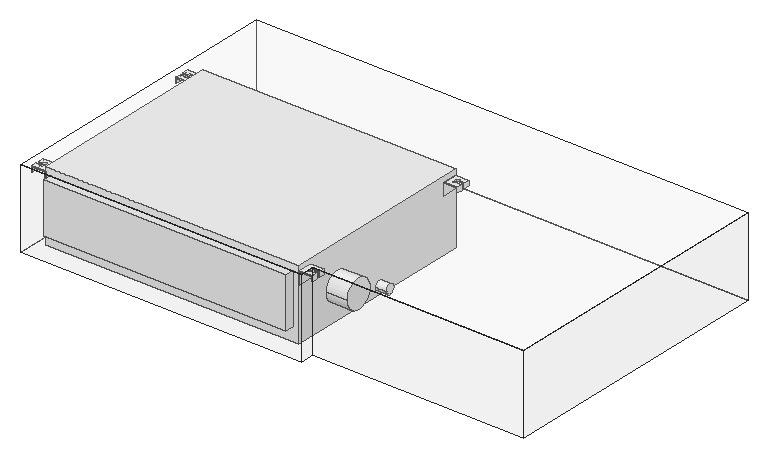
Revit family "pe-rp50_160da21_50Hz", category 機械設備, Revit 2019
Family settings
  丸型コネクタ寸法 = 直径を使用
  パーツ タイプ = 標準
  OmniClass 番号 = 23.75.10.24.21.27.27
  OmniClass タイトル = Split System Air Conditioning Units
  作業面ベース = いいえ
  常に垂直 = はい
  ロード時にボイドで切り取り = いいえ
  共有 = いいえ
  部屋計算ポイント = はい
Parameters (values of type "PE-RP50DA21_50Hz")
  風量（弱）（m3／min） = 12
  風量（中）（m3／min） = 14.5
  風量（m3／min） = 17
  風量 = MAX風量  # 1020.0 m³/h
  音響パワーレベル（弱）(dB) = 51
  音響パワーレベル（中）(dB) = 53
  音響パワーレベル(dB) = 56
  電源種別 = "一般"
  電圧_電気ヒーター = 0 V
  電圧 = 200 V
  電動機出力_送風機 = 0.085 kW
  運転質量 = 0.00 kg
  連動 = ""
  質量 = if(製品質量 > 運転質量, 製品質量, 運転質量) * 1.2  # 32.40 kg
  負荷分類 = 3_ファン類
  説明 = "店舗・事務所用パッケージエアコン（Mr.SLIM） 天井埋込形"
  設計暖房能力 = 0 kW
  設計冷房能力_顕熱 = 0 kW
  設計冷房能力 = 0 kW
  設置方法 = "天井吊（隠ぺい）形"
  記号 = ""
  製造元 = "三菱電機株式会社"
  製品質量 = 27.00 kg
  製品出荷対象 = "国内"
  製品リリース年月 = "2025/5/12"
  製品グループ = ""
  系統 = ""
  符号 = "PAC-CID"
  積算_科目 = "1 空気調和設備"
  積算_拾い区分 = ""
  相_電気ヒーター = 1
  相 = 1
  盤記号 = ""
  発停方法 = ""
  特殊仕様 = ""
  火災停止 = ""
  消費電力_電気ヒーター = 0 kW
  消費電力_暖房 = 0.12 kW
  消費電力_加湿器 = 0 kW
  消費電力_冷房 = 0.12 kW
  消費電力 = if(消費電力_冷房 > 消費電力_暖房, 消費電力_冷房, 消費電力_暖房) + 消費電力_加湿器 + 消費電力_電気ヒーター  # 0.12 kW
  法定耐用年数 = "15"
  機外静圧 = 50.0 Pa
  製造番号 = ""
  極数 = 3
  材質 = "溶融亜鉛メッキ鋼板"
  本体マテリアル = 鋼、ペイント仕上げ、アイボリー、光沢
  有効加湿量 = 0
  暖房能力 = 5 kW
  形式_加湿器 = ""
  形式 = "天井吊（隠ぺい）形（両ダクト形）"
  幹線記号 = ""
  始動方式 = "直入"
  呼称 = "室内機_天井吊(隠ぺい)形(両ダクト形)"
  周波数 = 50 Hz
  吊り位置Y = 643.00 mm
  吊り位置X = 954.00 mm
  加湿給水管径 = 0 mm
  分類コード = "50053003123080"
  分類グループ = ""
  冷房能力 = 4.5 kW
  冷媒高低圧ガス管径 = 0 mm
  冷媒管径符号 = "Ac"
  冷媒管径 = 100 mm
  冷媒液管径 = 6.35 mm
  冷媒ガス管径 = 12.7 mm
  価格 = 0
  企業コード = "108420"
  付属品_フィルター = ""
  付属品 = ""
  モデル = "PE-RP50DA21"
  ドレン管径 = 32 mm
  サービススペース = yes
  ケーブル種類 = ""
  Width = 900.00 mm
  Version = ""
  Uniclass2015Version = "Systems v1.9"
  Uniclass2015Title = "Split coil remote air cooled condensing units"
  Uniclass2015Code = "Pr_70_65_03_84"
  URL = "https://www.mitsubishielectric.co.jp/ldg/wink/qr/002/338238/"
  SpecificationReference = ""
  SpecificationDescription = ""
  SAサイズ_W = 860.00 mm
  SAサイズ_D = 178.00 mm
  Revision = ""
  RAサイズ_W = 858.00 mm
  RAサイズ_D = 210.00 mm
  ProductInformation = ""
  OmniClassCode = "23-33 17 13 11"
  MIN風量 = 風量（弱）（m3／min） * 60.0 m³/h  # 720.0 m³/h
  MID風量 = 風量（中）（m3／min） * 60.0 m³/h  # 870.0 m³/h
  MAX風量 = 風量（m3／min） * 60.0 m³/h  # 1020.0 m³/h
  IfcTypeProduct = ""
  IfcProduct = ""
  IfcExportType = "AIRCONDITIONINGUNIT"
  IfcExportAs = "IfcUnitaryEquipmentType"
  Height = 250.00 mm
  Depth = 700.00 mm
  Author = "三菱電機株式会社"
Types (8, lengths in mm): name | 風量（弱）（m3／min） | 風量（中）（m3／min） | 風量（m3／min） | 風量 | 音響パワーレベル（弱）(dB) | 音響パワーレベル（中）(dB) | 音響パワーレベル(dB) | 電動機出力_送風機 | 質量 | 製品質量 | 消費電力_暖房 | 消費電力_冷房 | 消費電力 | 暖房能力 | 吊り位置X | 冷房能力 | 冷媒管径符号 | 冷媒液管径 | 冷媒ガス管径 | モデル | Width | URL | SAサイズ_W | RAサイズ_W | MIN風量 | MID風量 | MAX風量
  PE-RP50DA21_50Hz | 12 | 14.5 | 17 | 1020.0 m³/h | 51 | 53 | 56 | 0.085 kW | 32.40 kg | 27.00 kg | 0.12 kW | 0.12 kW | 0.12 kW | 5 kW | 954.00 | 4.5 kW | "Ac" | 6.35 | 12.7 | "PE-RP50DA21" | 900.00 | "https://www.mitsubishielectric.co.jp/ldg/wink/qr/002/338238/" | 860.00 | 858.00 | 720.0 m³/h | 870.0 m³/h | 1020.0 m³/h
  PE-RP56DA21_50Hz | 12 | 14.5 | 17 | 1020.0 m³/h | 52 | 54 | 57 | 0.085 kW | 32.40 kg | 27.00 kg | 0.12 kW | 0.12 kW | 0.12 kW | 5.6 kW | 954.00 | 5 kW | "Ac" | 6.35 | 12.7 | "PE-RP56DA21" | 900.00 | "https://www.mitsubishielectric.co.jp/ldg/wink/qr/002/338239/" | 860.00 | 858.00 | 720.0 m³/h | 870.0 m³/h | 1020.0 m³/h
  PE-RP63DA21_50Hz | 14.5 | 18 | 21 | 1260.0 m³/h | 53 | 54 | 57 | 0.121 kW | 34.80 kg | 29.00 kg | 0.12 kW | 0.12 kW | 0.12 kW | 6.3 kW | 1154.00 | 5.6 kW | "Ac" | 6.35 | 12.7 | "PE-RP63DA21" | 1100.00 | "https://www.mitsubishielectric.co.jp/ldg/wink/qr/002/338240/" | 1060.00 | 1058.00 | 870.0 m³/h | 1080.0 m³/h | 1260.0 m³/h
  PE-RP71DA21_50Hz | 14.5 | 18 | 21 | 1260.0 m³/h | 54 | 55 | 57 | 0.121 kW | 34.80 kg | 29.00 kg | 0.12 kW | 0.12 kW | 0.12 kW | 7 kW | 1154.00 | 6.3 kW | "Bd" | 9.52 | 15.88 | "PE-RP71DA21" | 1100.00 | "https://www.mitsubishielectric.co.jp/ldg/wink/qr/002/338241/" | 1060.00 | 1058.00 | 870.0 m³/h | 1080.0 m³/h | 1260.0 m³/h
  PE-RP80DA21_50Hz | 17.5 | 21 | 25 | 1500.0 m³/h | 55 | 56 | 59 | 0.121 kW | 34.80 kg | 29.00 kg | 0.16 kW | 0.16 kW | 0.16 kW | 8 kW | 1154.00 | 7.1 kW | "Bd" | 9.52 | 15.88 | "PE-RP80DA21" | 1100.00 | "https://www.mitsubishielectric.co.jp/ldg/wink/qr/002/338242/" | 1060.00 | 1058.00 | 1050.0 m³/h | 1260.0 m³/h | 1500.0 m³/h
  PE-RP112DA21_50Hz | 24 | 29 | 34 | 2040.0 m³/h | 58 | 60 | 62 | 0.244 kW | 45.60 kg | 38.00 kg | 0.22 kW | 0.22 kW | 0.22 kW | 11.2 kW | 1454.00 | 10 kW | "Bd" | 9.52 | 15.88 | "PE-RP112DA21" | 1400.00 | "https://www.mitsubishielectric.co.jp/ldg/wink/qr/002/338243/" | 1360.00 | 1358.00 | 1440.0 m³/h | 1740.0 m³/h | 2040.0 m³/h
  PE-RP140DA21_50Hz | 24 | 29 | 34 | 2040.0 m³/h | 60 | 61 | 63 | 0.244 kW | 45.60 kg | 38.00 kg | 0.22 kW | 0.22 kW | 0.22 kW | 14 kW | 1454.00 | 12.5 kW | "Bd" | 9.52 | 15.88 | "PE-RP140DA21" | 1400.00 | "https://www.mitsubishielectric.co.jp/ldg/wink/qr/002/338244/" | 1360.00 | 1358.00 | 1440.0 m³/h | 1740.0 m³/h | 2040.0 m³/h
  PE-RP160DA21_50Hz | 24 | 29 | 34 | 2040.0 m³/h | 61 | 62 | 63 | 0.244 kW | 45.60 kg | 38.00 kg | 0.22 kW | 0.22 kW | 0.22 kW | 16 kW | 1454.00 | 14 kW | "Bd" | 9.52 | 15.88 | "PE-RP160DA21" | 1400.00 | "https://www.mitsubishielectric.co.jp/ldg/wink/qr/002/338245/" | 1360.00 | 1358.00 | 1440.0 m³/h | 1740.0 m³/h | 2040.0 m³/h
Reference planes
  plane 1 "中心(正面/背面)": y = 0
  plane 2: z = 0
  plane 3 "中心(左/右)": x = 0
  plane 4: x = -450
  plane 5: x = 450
  plane 6: y = 350
  plane 7 "サービススペース_3": y = -350
  plane 8 "吹き出しダクトW_2": x = 430
  plane 9 "吹き出しダクトW_1": x = -430
  plane 10 "吹き出しダクトH_1": z = -23
  plane 11 "吹き出しダクトH_2": z = -201
  plane 12 "吸込み口W_2": x = 429
  plane 13 "吸込み口W_1": x = -429
  plane 14 "吸込み口H_1": z = -18
  plane 15 "吸込み口H_2": z = -228
  plane 16: z = -250
  plane 17 "吊り金具Y": z = -15
  plane 18: y = -214
  plane 19: y = -147
  plane 20: y = -112
  plane 21: y = 6
  plane 22: z = -41
  plane 23: z = -122
  plane 24: z = -155
  plane 25: z = -217
  plane 26 "吊り位置X_2": x = 477
  plane 27 "吊り位置X_1": x = -477
  plane 28 "最外形X_2": x = 500
  plane 29 "最外形X_1": x = -500
  plane 30: z = -137
  plane 31: y = -180.5
  plane 32: y = -382
  plane 33 "吊り位置Y_2": y = -325
  plane 34 "吊り位置Y_1": y = 318
  plane 35 "SS_D_1": y = -400
  plane 36 "サービススペース_1": x = 1250
  plane 37 "SS_D_2": y = 377
  plane 38 "SS_H_1": z = 10
  plane 39 "SS_H_2": z = -270
  plane 40: y = 125
  plane 41 "サービススペース_2": y = 650
Forms (mm)
  Extrusion 1, solid, detail levels fine
    sketch origin (0, 0, 0) x (1, 0, 0) y (0, 1, 0)
      loop
        line (-450, 350) -> (-450, -350) -> (450, -350) -> (450, 350) -> (-450, 350)
    from -250 to 0
  Extrusion 2, solid, detail levels fine
    sketch origin (0, 0, 0) x (1, 0, 0) y (0, 0, 1)
      loop
        line (-430, -23) -> (-430, -201) -> (430, -201) -> (430, -23) -> (-430, -23)
    from 350 to 382
  Extrusion 3, solid, detail levels fine
    sketch origin (0, 0, 0) x (1, 0, 0) y (0, 0, 1)
      loop
        line (429, -18) -> (-429, -18) -> (-429, -228) -> (429, -228) -> (429, -18)
    from -350 to -340
  Extrusion 4, solid, detail levels fine
    sketch origin (0, 0, 0) x (0, 1, 0) y (0, 0, 1)
      loop
        circle (-180.5, -137) r 50
    from 450 to 528
  Extrusion 5, solid, detail levels fine
    sketch origin (0, 0, 0) x (0, 1, 0) y (0, 0, 1)
      loop
        circle (6, -217) r 16
    from 450 to 490
Dimensions and locks
  "SAサイズ_W": plane 9 "吹き出しダクトW_1" to plane 8 "吹き出しダクトW_2"
  "Width": plane 4 to plane 5
  "Depth": plane 7 "サービススペース_3" to plane 6
  "Height": level to plane 16
  locked: plane 8 "吹き出しダクトW_2" to plane 5 at 20
  "RAサイズ_W": plane 13 "吸込み口W_1" to plane 12 "吸込み口W_2"
  locked: plane 12 "吸込み口W_2" to plane 5 at 21
  equal spacing: plane 4, plane 3 "中心(左/右)", plane 5
  locked: Extrusion 4 to Extrusion 4 at 78
  locked: Extrusion 5 to Extrusion 5 at 40
  plane 29 "最外形X_1" to plane 28 "最外形X_2" = 1000.00 mm
  equal spacing: plane 29 "最外形X_1", plane 3 "中心(左/右)", plane 28 "最外形X_2"
  "吊り位置X": plane 27 "吊り位置X_1" to plane 26 "吊り位置X_2"
  equal spacing: plane 27 "吊り位置X_1", plane 3 "中心(左/右)", plane 26 "吊り位置X_2"
  locked: plane 26 "吊り位置X_2" to plane 28 "最外形X_2" at 23
  plane 33 "吊り位置Y_2" to plane 32 = 57.00 mm
  locked: plane 5 to plane 36 "サービススペース_1" at 800
  plane 28 "最外形X_2" to plane 36 "サービススペース_1" = 750.00 mm
  "ドレン管径": diameter of Extrusion 5 sketch curve
  "冷媒管径": diameter of Extrusion 4 sketch curve
  aligned and locked: level to plane 2
  aligned and locked: plane 5 to Extrusion 1
  aligned and locked: Extrusion 1 to plane 4
  aligned and locked: plane 8 "吹き出しダクトW_2" to Extrusion 2
  aligned and locked: Extrusion 2 to plane 9 "吹き出しダクトW_1"
  aligned and locked: nested 2 to Extrusion 1
  aligned and locked: nested 1 to Extrusion 1
  aligned and locked: Extrusion 1 to nested 3
  aligned and locked: Extrusion 1 to nested 4
  aligned and locked: Extrusion 4 to plane 5
  aligned and locked: Extrusion 5 to plane 5
  aligned and locked: nested 5 to plane 26 "吊り位置X_2"
  aligned and locked: nested 1 to plane 34 "吊り位置Y_1"
  aligned and locked: plane 27 "吊り位置X_1" to nested 5
  aligned and locked: nested 5 to plane 34 "吊り位置Y_1"
  aligned and locked: plane 26 "吊り位置X_2" to nested 5
  aligned and locked: nested 5 to plane 33 "吊り位置Y_2"
  aligned and locked: nested 6 to plane 36 "サービススペース_1"
  aligned and locked: plane 41 "サービススペース_2" to nested 7
  aligned and locked: plane 35 "SS_D_1" to nested 7
  aligned and locked: plane 36 "サービススペース_1" to nested 7
  aligned and locked: plane 29 "最外形X_1" to nested 7
  aligned and locked: nested 7 to plane 38 "SS_H_1"
  aligned and locked: plane 28 "最外形X_2" to nested 7
Automatic sketch dimensions
  Extrusion 1 sketch curve to plane 4 = 0.00 mm
  Extrusion 1 sketch curve to plane 5 = 0.00 mm
  plane 7 "サービススペース_3" to Extrusion 1 sketch curve = 0.00 mm
  plane 6 to Extrusion 1 sketch curve = 0.00 mm
  Extrusion 2 sketch curve to plane 9 "吹き出しダクトW_1" = 0.00 mm
  Extrusion 2 sketch curve to plane 8 "吹き出しダクトW_2" = 0.00 mm
  Extrusion 2 sketch curve to plane 11 "吹き出しダクトH_2" = 0.00 mm
  Extrusion 2 sketch curve to plane 10 "吹き出しダクトH_1" = 0.00 mm
  plane 13 "吸込み口W_1" to Extrusion 3 sketch curve = 0.00 mm
  Extrusion 3 sketch curve to plane 12 "吸込み口W_2" = 0.00 mm
  Extrusion 3 sketch curve to plane 15 "吸込み口H_2" = 0.00 mm
  Extrusion 3 sketch curve to plane 14 "吸込み口H_1" = 0.00 mm
  plane 30 to Extrusion 4 sketch curve = 0.00 mm
  Extrusion 4 sketch curve to plane 31 = 0.00 mm
  Extrusion 5 sketch curve to plane 21 = 0.00 mm
  plane 25 to Extrusion 5 sketch curve = 0.00 mm
Nested families
  nested 1: "PE-RP-DA_LEG" at (450, 318, -15) x (0, -1, 0) z (0, 0, 1), type "PE-RP-DA_LEG", detail levels fine
  nested 2: "PE-RP-DA_LEG" at (450, -325, -15) x (0, -1, 0) z (0, 0, 1), type "PE-RP-DA_LEG", detail levels fine
  nested 3: "PE-RP-DA_LEG" at (-450, 318, -15) x (0, -1, 0) z (0, 0, 1), type "PE-RP-DA_LEG", detail levels fine
  nested 4: "PE-RP-DA_LEG" at (-450, -325, -15) x (0, -1, 0) z (0, 0, 1), type "PE-RP-DA_LEG", detail levels fine
  nested 5: "固定点" at (-477, -325, 0), type "固定点"
    with W 954.00 mm, D 643.00 mm
  nested 6: "点検口設置範囲" at (1000, 350, -270), type "点検口設置範囲"
    with Width 1000.00 mm, Depth 700.00 mm
  nested 7: "サービススペース" at (1000, 125, -130), type "サービススペース"
    with Width_1 1000.00 mm, Width 1750.00 mm, Height 280.00 mm, Depth 1050.00 mm
Connectors
  piping at (528, -180.5, -137), diameter 100, driven by "冷媒管径符号", driven by "冷媒管径"
    settings: on Extrusion 4, index 1, connector inside diameter 609.6 mm, connector length 0.00 mm, flow factor 0, pipe flow 0.0 L/s, pressure drop 0.0 Pa, fitting loss kfactor 0, connector angle 0.00°, fixture units 0, engagement length 0.00 mm, angle of deflection 0.00°, flow configuration 1, flow direction 1, fitting loss method 4, system type 7, joint type 0, gender type 0, connector reference index -1, connector utility 0, adjustable connector no, is connector primary yes, connector description "Ac"
  piping at (490, 6, -217), diameter 32, driven by "ドレン管径"
    settings: on Extrusion 5, index 2, connector inside diameter 609.6 mm, connector length 0.00 mm, flow factor 0, pipe flow 0.0 L/s, pressure drop 0.0 Pa, fitting loss kfactor 0, connector angle 0.00°, fixture units 0, engagement length 0.00 mm, angle of deflection 0.00°, flow configuration 1, flow direction 2, fitting loss method 4, system type 16, joint type 0, gender type 0, connector reference index -1, connector utility 0, adjustable connector no, is connector primary no, connector description ""
  electrical at (450, 0, -125), driven by "極数", driven by "電圧", driven by "消費電力", driven by "負荷分類"
    settings: on Extrusion 1, index 3, voltage 200 V, apparent load 120 VA, apparent load phase1 0 VA, apparent load phase2 0 VA, apparent load phase3 0 VA, power factor 1, load classification "3_ファン類", number of poles 3, system type 30, power factor state 1, is connector primary yes, connector utility no, sub classification motor no, connector description ""
  hvac at (0, -382, -112), driven by "SAサイズ_D", driven by "SAサイズ_W", driven by "機外静圧", driven by "風量"
    settings: on Extrusion 2, index 4, duct flow 1020.0 m³/h, flow factor 0, pres drop 50.0 Pa, loss coef 0, conn angle 0.00°, conn width 860 mm, conn height 178 mm, conn diameter 609.6 mm, duct sys type 29, conn prof type 1, flow config 0, flow direction 2, loss method 4, conn ref index -1, conn util no, is conn primary yes, conn desc ""
  hvac at (0, 350, -123), driven by "RAサイズ_D", driven by "RAサイズ_W", driven by "機外静圧", driven by "風量"
    settings: on Extrusion 3, index 5, duct flow 1020.0 m³/h, flow factor 0, pres drop 50.0 Pa, loss coef 0, conn angle 0.00°, conn width 858 mm, conn height 210 mm, conn diameter 609.6 mm, duct sys type 29, conn prof type 1, flow config 0, flow direction 1, loss method 4, conn ref index -1, conn util no, is conn primary no, conn desc ""
Definition of nested family "PE-RP-DA_LEG"
  Reference planes
    plane 1 "中心(正面/背面)": y = 0
    plane 2: z = 0
    plane 3 "中心(左/右)": x = 0
    plane 4: x = -6
    plane 5: x = 6
    plane 6: y = 33
    plane 7: y = 21
    plane 8: y = 27
    plane 9: x = 25
    plane 10: x = -25
  Forms (mm)
    Extrusion 1, solid, detail levels fine
      sketch origin (0, 0, 0) x (1, 0, 0) y (0, 1, 0)
        loop
          line (-25, 0) -> (25, 0) -> (25, 50) -> (-25, 50) -> (-25, 0)
      from 0 to -44
    Extrusion 2, void
      sketch origin (-25, 20, 0) x (0, 1, 0) y (0, 0, 1)
        loop
          line (30, -44) -> (30, -18) -> (27, -18) -> (27, -3) -> (-17, -3) -> (-17, -44) -> (30, -44)
      from 0 to 50
    Extrusion 3, void
      sketch origin (0, 7, 0) x (1, 0, 0) y (0, 1, 0)
        loop
          line (-6, 14) -> (6, 14)
          arc (6, 14) -> (12, 20) -> (6, 26) r 6
          line (6, 26) -> (6, 43) -> (-6, 43) -> (-6, 26)
          arc (-6, 26) -> (-12, 20) -> (-6, 14) r 6
      from 0 to -45
  Cuts and joins
    Extrusion 2, Extrusion 3 cuts Extrusion 1
  Dimensions and locks
    plane 3 "中心(左/右)" to Extrusion 1 sketch curve = 25.00 mm
    Extrusion 1 sketch curve to Extrusion 1 sketch curve = 50.00 mm  (x2)
    Extrusion 1 to Extrusion 2 sketch curve = 3.00 mm  (x2)
    cut or joined group of Extrusion 1, Extrusion 2, Extrusion 3 to plane 8 = 23.00 mm
    cut or joined group of Extrusion 1, Extrusion 2, Extrusion 3 to plane 1 "中心(正面/背面)" = 50.00 mm
    aligned and locked: level to plane 2
Definition of nested family "サービススペース"
  Parameters (values of type "サービススペース")
    Width_1 [instance] = 450.00 mm
    Width [instance] = 500.00 mm
    Height [instance] = 500.00 mm
    Depth [instance] = 500.00 mm
  Reference planes
    plane 1 "中心(正面/背面)": y = 0
    plane 2: z = 0
    plane 3 "中心(左/右)": x = 0
    plane 4: y = -250
    plane 5: x = 250
    plane 6: y = 250
    plane 7: x = -250
    plane 8: z = 250
    plane 9: z = -250
    plane 10: x = 200
  Forms (mm)
    Extrusion 1, solid
      sketch origin (-638.939, 0, 72.39) x (1, 0, 0) y (0, 1, 0)
        loop
          line (388.939, 250) -> (388.939, -250) -> (838.939, -250) -> (838.939, -200) -> (888.939, -200) -> (888.939, 250) -> (388.939, 250)
      from -322.39 to 177.61
  Lines and regions (mm)
    symbolic lines
      curve 1: line (-250, 0, 250) -> (250, 0, 250)
      curve 2: line (-250, 0, -250) -> (-250, 0, 250)
      curve 3: line (250, 0, -250) -> (-250, 0, -250)
      curve 4: line (250, 0, 250) -> (250, 0, -250)
      curve 5: line (0, -250, 250) -> (0, 250, 250)
      curve 6: line (0, -250, -250) -> (0, -250, 250)
      curve 7: line (0, 250, -250) -> (0, -250, -250)
      curve 8: line (0, 250, 250) -> (0, 250, -250)
      curve 9: line (-250, 250, 0) -> (250, 250, 0)
      curve 10: line (-250, -250, 0) -> (-250, 250, 0)
      curve 11: line (200, -250, 0) -> (-250, -250, 0)
      curve 12: line (250, 250, 0) -> (250, -200, 0)
      curve 13: line (250, -200, 0) -> (200, -200, 0)
      curve 14: line (200, -200, 0) -> (200, -250, 0)
  Dimensions and locks
    equal spacing: plane 4, plane 1 "中心(正面/背面)", plane 6
    "Depth": plane 4 to plane 6
    "Width": plane 7 to plane 5
    equal spacing: plane 8, plane 2, plane 9
    "Height": plane 8 to plane 9
    "Width_1": plane 7 to plane 10
    aligned and locked: plane 9 to curve 3
    aligned and locked: plane 7 to curve 2
    aligned and locked: curve 4 to plane 5
    aligned and locked: plane 5 to Extrusion 1
    aligned and locked: Extrusion 1 to plane 7
    aligned and locked: Extrusion 1 to plane 9
    aligned and locked: plane 8 to Extrusion 1
    aligned and locked: plane 9 to curve 7
    aligned and locked: Extrusion 1 sketch curve to plane 10
  Automatic sketch dimensions
    curve 2 to plane 8 = 0.00 mm
    curve 7 to plane 4 = 0.00 mm
    curve 7 to plane 6 = 0.00 mm
    curve 6 to plane 8 = 0.00 mm
    Extrusion 1 sketch curve to plane 7 = 0.00 mm
    Extrusion 1 sketch curve to plane 5 = 0.00 mm
    plane 4 to Extrusion 1 sketch curve = 0.00 mm
    plane 6 to Extrusion 1 sketch curve = 0.00 mm
    Extrusion 1 sketch curve to plane 4 = 50.00 mm
    curve 11 to plane 7 = 0.00 mm
    curve 13 to plane 10 = 0.00 mm
    plane 4 to curve 14 = 0.00 mm
    plane 6 to curve 12 = 0.00 mm
    curve 13 to plane 4 = 50.00 mm
    curve 13 to plane 5 = 0.00 mm
Definition of nested family "固定点"
  Parameters (values of type "固定点")
    中心円 = 20.00 mm
    W [instance] = 954.00 mm
    D [instance] = 643.00 mm
  Reference planes
    plane 1 "中心(正面/背面)": y = 0
    plane 2: z = 0
    plane 3 "中心(左/右)": x = 0
    plane 4: x = 954
    plane 5: y = 643
  Lines and regions (mm)
    symbolic lines, detail levels fine
      curve 1: circle (0, 643, 0) r 10 normal (0, 0, 1)
      curve 2: circle (0, 0, 0) r 10 normal (0, 0, 1)
      curve 3: circle (954, 643, 0) r 10 normal (0, 0, 1)
      curve 4: circle (954, 0, 0) r 10 normal (0, 0, 1)
      curve 5: line (-200, 643, 0) -> (1154, 643, 0)
      curve 6: line (-200, 0, 0) -> (1154, 0, 0)
      curve 7: line (0, 843, 0) -> (0, -200, 0)
      curve 8: line (954, 843, 0) -> (954, -200, 0)
  Dimensions and locks
    "W": plane 3 "中心(左/右)" to plane 4
    "D": plane 1 "中心(正面/背面)" to plane 5
    "中心円": diameter of curve 1
    "中心円": diameter of curve 2
    "中心円": diameter of curve 3
    "中心円": diameter of curve 4
    aligned and locked: level to plane 2
    aligned and locked: plane 5 to curve 1
    aligned and locked: plane 3 "中心(左/右)" to curve 1
    aligned and locked: plane 3 "中心(左/右)" to curve 2
    aligned and locked: plane 1 "中心(正面/背面)" to curve 2
    aligned and locked: plane 4 to curve 3
    aligned and locked: plane 5 to curve 3
    aligned and locked: plane 1 "中心(正面/背面)" to curve 4
    aligned and locked: plane 4 to curve 4
    aligned and locked: plane 1 "中心(正面/背面)" to curve 6
    aligned and locked: curve 7 to plane 3 "中心(左/右)"
    aligned and locked: curve 8 to plane 4
  Automatic sketch dimensions
    curve 5 to plane 5 = 0.00 mm
    curve 6 to plane 3 "中心(左/右)" = 200.00 mm
    curve 5 to plane 3 "中心(左/右)" = 200.00 mm
    curve 4 to curve 6 = 200.00 mm
    curve 3 to curve 5 = 200.00 mm
    plane 1 "中心(正面/背面)" to curve 8 = 200.00 mm
    plane 1 "中心(正面/背面)" to curve 7 = 200.00 mm
    curve 3 to curve 8 = 200.00 mm
    curve 1 to curve 7 = 200.00 mm
Definition of nested family "点検口設置範囲"
  Parameters (values of type "点検口設置範囲")
    Width [instance] = 1000.00 mm
    Depth [instance] = 700.00 mm
  Reference planes
    plane 1 "中心(正面/背面)": y = 0
    plane 2: z = 0
    plane 3 "中心(左/右)": x = 0
    plane 4: x = -250
    plane 5: x = 250
    plane 6: y = 225
    plane 7: y = -225
  Lines and regions (mm)
    model lines
      curve 1: line (-250, 225, 0) -> (250, 225, 0)
      curve 2: line (-250, -225, 0) -> (-250, 225, 0)
      curve 3: line (250, -225, 0) -> (-250, -225, 0)
      curve 4: line (250, 225, 0) -> (250, -225, 0)
  Dimensions and locks
    plane 4 to plane 5 = 500.00 mm
    equal spacing: plane 4, plane 3 "中心(左/右)", plane 5
    equal spacing: plane 7, plane 1 "中心(正面/背面)", plane 6
    plane 7 to plane 6 = 450.00 mm
    aligned and locked: level to plane 2
    aligned and locked: curve 3 to plane 7
    aligned and locked: curve 4 to plane 5
    aligned and locked: plane 4 to curve 2
    aligned and locked: plane 6 to curve 1
